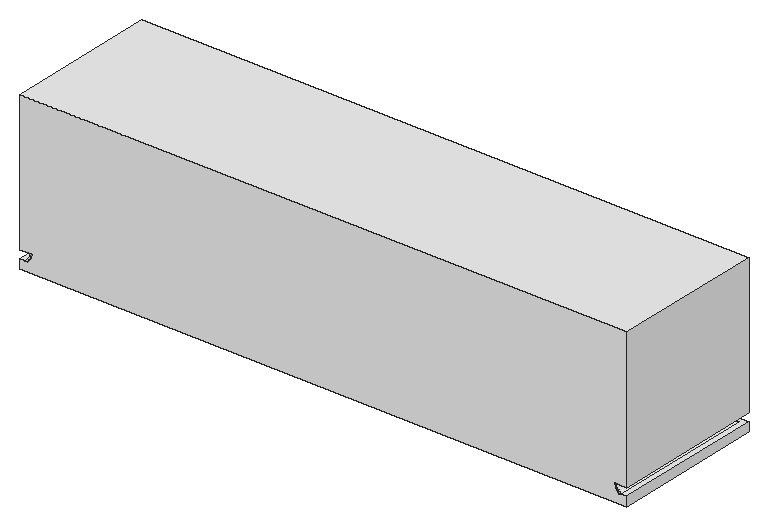
Revit family "Paradise_CWS_Air Bar", category Plumbing Fixtures, host Wall, Revit 2014
Parameters (values of type "Plastic-CWS-Paradise Air Bar-White")
  Youtube clip = "https://www.youtube.com/watch?v=NNfRyQFUqwI"
  Width = 326 mm
  Weight Net (Kg) = 0.98
  Uniclass 2.0 Description = "Sanitary Accessories"
  Uniclass 2.0 Code = "PR-31-75"
  Uniclass 1.4 Description = "Sanitary appliances/fittings"
  Uniclass 1.4 Code = "JN13"
  URL = "http://www.cws-boco.de/de-DE/node/19942"
  UNSPSC name = "Sanitary ware"
  UNSPSC Code = "301815"
  Technical description = ""
  Region South America = "None"
  Region Oceania = "None"
  Region North America = "None"
  Region Middle East = "None"
  Region Europe = "AT, BE, BG, CH, CZ, DE, HR, HU, IE, IT, LI, LU, NL, PL, RO, SE, SI, SK, VA"
  Region Asia = "CN"
  Region Antarctica = "None"
  Region Africa = "None"
  QR code = "http://bimobject.com/cws-boco/product/4663000"
  Product group = "Air fragrance dispenser"
  Product family = "CWS ParadiseLine"
  Product data url = "http://bimobject.com/cws-boco/product/4663000"
  Product certification = "http://www.cws-boco.de/sites/default/files/product/attachment/068w0000002GDH0AAO_1433507480.pdf"
  Product SKU = "4663000"
  Product Guid = "d03ba5eb-3c86-4d5e-9fc3-9c2c2f5c6f7c"
  Nominal width = 326
  Nominal height = 87
  NBS Reference Description = "Sanitary Accessories"
  NBS Reference Code = "31-75"
  Material secondary = Plastic-CWS-Paradise Air Bar-White
  Material main = Plastic-CWS-Paradise Air Bar-White
  Manufacturer name = "CWS-boco"
  Manufacturer country = "Switzerland"
  Manufacturer URL = "http://www.cws-boco.de/de-DE/"
  Logo Material = Logo-CWS-Paradise Air Bar-Red
  Installation instructions = "http://www.cws-boco.de/sites/default/files/product/attachment/068w0000002GxtyAAC_1439306011.pdf"
  IFC Classification = "Furniture"
  Height = 84 mm
  Edition number = 1
  EAN code = "4049657016725"
  Design country = "Germany"
  Description = "Paradise Air Bar air fragrance dispenser for 2 x 80-ml fragrance cartridges. Targeted scent release via blowers at the front. Duo-cartridge system enables an automatic change from active to reserve cartridge. Cartridge reach ca. 3 months (depending on setting). Intuitive user interface inside the dispenser for a room specific setting of the intensity with 4 levels. Dispenser reach approx. 12 m². Day-night control (light sensor) preserving resources. Service light at the front. Dispenser out of shock-resistant, anti-static plastic, with lock. Rounded edges, therefore no risk of injury. White panel can be changed to various colours. Complete incl. installation material, delivery and installation.\r\n\r\nDispensers & panels:\r\nDispenser with panel white: 4663000, Dispenser without panel: 4663010\r\nPanel active white: 161048000, Panel royal red: 161048022, Panel black pearl: 161048021, Panel navy blue: 161048044, Panel forest green : 191048045, Panel posh purple : 161048040, Panel silversense: 161048060\r\n\r\nFragrances:\r\nCWS Sweet Orange: 630000, CWS Flower Rain: 631000, CWS Peach Heaven: 632000, CWS Ocean Fresh: 633000, CWS Summer Sense: 634000, CWS Forest Soul: 635000, CWS Silent Wood: 636000, CWS Secret Spa: 637000, CWS Magic Fruit: 638000"
  Depth = 82 mm
  Date of publishing = "2015-09-17"
  COBIe Type Category = ""
  BIMobject category = "Dispensers"
Types (7, lengths in mm): name | Material secondary | Date of publishing
  Plastic-CWS-Paradise Air Bar-White | Plastic-CWS-Paradise Air Bar-White | "2015-09-17"
  Plastic-CWS-Paradise Air Bar-Blue | Plastic-CWS-Paradise Air Bar-Blue | "2015-09-17"
  Plastic-CWS-Paradise Air Bar-Green | Plastic-CWS-Paradise Air Bar-Green | "2015-09-17"
  Plastic-CWS-Paradise Air Bar-Red | Plastic-CWS-Paradise Air Bar-Red | "2015-09-17"
  Plastic-CWS-Paradise Air Bar-Silver | Plastic-CWS-Paradise Air Bar-Silver | "2015-09-17"
  Plastic-CWS-Paradise Air Bar-Purple | Plastic-CWS-Paradise Air Bar-Purple | ""
  Plastic-CWS-Paradise Air Bar-Black | Plastic-CWS-Paradise Air Bar-Black | "2015-09-17"
Reference planes
  plane 1 "Wall": y = 0
  plane 2 "Center (Left/Right)": x = 125
  plane 3 "Back": y = 75
  plane 4: x = -38
  plane 5: x = 288
  plane 6: y = 157
  plane 7: z = 1200
  plane 8: z = 1116
Text (mm)
  text "Placement Side" at (-1848.837, 1116.779, 0), in view "Ref. Level"
  text "Placement side" at (0, 1409.804, 2854.306), in view "Left"
  text "Placement side" at (0, 499.811, 2980.732), in view "Right"
Dimensions and locks
  locked: plane 3 "Back" to host wall
  "Depth": plane 6 to plane 3 "Back"
  "Width": plane 4 to plane 5
  "Height": plane 8 to plane 7
  aligned and locked: plane 1 "Wall" to host wall
Nested families
  nested 1: "Air Bar" at (0, 0, 0), type "Stainless Steel-CWS-Air Bar-White"
Definition of nested family "Air Bar"
  Parameters (values of type "Stainless Steel-CWS-Air Bar-White")
    Width = 326 mm
    Material main = Plastic-CWS-Paradise Air Bar-White
    Material Secondary = Plastic-CWS-Paradise Air Bar-White
    Logo Material = Logo-CWS-Paradise Air Bar-Red
    Height = 84 mm
    Depth = 82 mm
  Reference planes
    plane 1 "Wall": y = 0
    plane 2 "Center (Left/Right)": x = 125
    plane 3 "Back": y = 75
    plane 4: x = -38
    plane 5: x = 288
    plane 6: y = 157
    plane 7: z = 1200
    plane 8: z = 1116
  Forms (mm)
    Extrusion 1, solid, material "Plastic-CWS-Paradise Air Bar-White" <- "Material main", detail levels fine
      sketch origin (0, 0, 0) x (1, 0, 0) y (0, 1, 0)
        loop
          line (-38, 157) -> (-38, 75) -> (288, 75) -> (288, 157) -> (-38, 157)
      from 1116 to 1200
    Sweep 2, void
      path in 3D
        loop
          line (-38, 75, 1116) -> (-38, 157, 1116) -> (288, 157, 1116) -> (288, 75, 1116)
      profile origin (125, 157, 1116) x (0, -1, 0) y (0, 0, -1)
        loop
          line (0, -5) -> (0, -9.277) -> (6.147, -9.277)
          arc (6.147, -9.277) -> (5.448, -6.951) -> (4, -5) r 7.046
          line (4, -5) -> (0, -5)
    Sweep 3, solid, material "Plastic-CWS-Paradise Air Bar-White" <- "Material Secondary", detail levels fine
      path in 3D
        loop
          line (-38, 75, 1121) -> (-38, 157, 1121) -> (288, 157, 1121) -> (288, 75, 1121)
      profile origin (125, 157, 1121) x (0, 1, 0) y (0, 0, 1)
        loop
          line (-4, 0) -> (-2.74, 0)
          arc (-2.74, 0) -> (-4.487, 1.867) -> (-5.34, 4.277) r 6.246
          line (-5.34, 4.277) -> (-6.147, 4.277)
          arc (-6.147, 4.277) -> (-5.448, 1.951) -> (-4, 0) r 7.046
    Extrusion 4, solid, material "Plastic-CWS-Paradise Air Bar-White" <- "Material main", detail levels coarse
      sketch origin (125, 0, 0) x (0, 1, 0) y (0, 0, 1)
        loop
          line (157, 1116) -> (157, 1200) -> (75, 1200) -> (75, 1116) -> (157, 1116)
      from -163 to 163
    Extrusion 5, solid, material "Plastic-CWS-Paradise Air Bar-White" <- "Material main", detail levels medium
      sketch origin (125, 0, 0) x (0, 1, 0) y (0, 0, 1)
        loop
          line (151.66, 1125.277) -> (157, 1125.277) -> (157, 1200) -> (75, 1200) -> (75, 1116) -> (157, 1116) -> (157, 1121) -> (154.26, 1121)
          arc (154.26, 1121) -> (152.513, 1122.867) -> (151.66, 1125.277) r 6.246
      from -163 to 163
    Extrusion 6, solid, material "Plastic-CWS-Paradise Air Bar-White" <- "Material main", not visible, detail levels fine
      sketch origin (0, 0, 0) x (1, 0, 0) y (0, 1, 0)
        loop
          line (-38, 157) -> (-38, 75) -> (288, 75) -> (288, 157) -> (-38, 157)
      from 1116 to 1200
    Sweep 7, void, not visible
      path in 3D
        loop
          line (-38, 75, 1116) -> (-38, 157, 1116) -> (288, 157, 1116) -> (288, 75, 1116)
      profile origin (125, 157, 1116) x (0, -1, 0) y (0, 0, -1)
        loop
          line (0, -5) -> (0, -9.277) -> (6.147, -9.277)
          arc (6.147, -9.277) -> (5.448, -6.951) -> (4, -5) r 7.046
          line (4, -5) -> (0, -5)
    Extrusion 8, solid, material "Plastic-CWS-Paradise Air Bar-White" <- "Material main", not visible, detail levels coarse
      sketch origin (125, 0, 0) x (0, 1, 0) y (0, 0, 1)
        loop
          line (157, 1116) -> (157, 1200) -> (75, 1200) -> (75, 1116) -> (157, 1116)
      from -163 to 163
    Extrusion 9, solid, material "Logo-CWS-Paradise Air Bar-Red" <- "Logo Material", detail levels fine
      sketch origin (0, 0, 0) x (1, 0, 0) y (0, 0, 1)
        loop
          line (131.328, 1164.314) -> (131.328, 1162.572) -> (138.907, 1162.572)
          arc (138.907, 1162.572) -> (140.278, 1161.201) -> (138.907, 1159.83) r 1.371
          line (138.907, 1159.83) -> (131.412, 1159.83) -> (131.412, 1158.132) -> (138.926, 1158.132)
          arc (138.926, 1158.132) -> (142.017, 1161.223) -> (138.926, 1164.314) r 3.091
          line (138.926, 1164.314) -> (131.328, 1164.314)
        loop
          line (130.747, 1164.314) -> (128.797, 1164.314) -> (128.797, 1160.411) -> (125.156, 1164.314) -> (122.642, 1164.314) -> (122.642, 1160.829) -> (119.391, 1164.314) -> (116.931, 1164.314) -> (122.696, 1158.132) -> (124.663, 1158.132) -> (124.663, 1161.955) -> (128.228, 1158.132) -> (130.747, 1158.132) -> (130.747, 1164.314)
        loop
          arc (115.262, 1162.572) -> (115.594, 1162.24) -> (115.262, 1161.908) r 0.332
          line (115.262, 1161.908) -> (108.472, 1161.908)
          arc (108.472, 1161.908) -> (106.584, 1160.02) -> (108.472, 1158.132) r 1.888
          line (108.472, 1158.132) -> (117.248, 1158.132) -> (117.248, 1159.792) -> (108.765, 1159.792)
          arc (108.765, 1159.792) -> (108.514, 1160.044) -> (108.765, 1160.295) r 0.251
          line (108.765, 1160.295) -> (115.619, 1160.295)
          arc (115.619, 1160.295) -> (117.629, 1162.305) -> (115.619, 1164.314) r 2.01
          line (115.619, 1164.314) -> (106.815, 1164.314) -> (106.815, 1162.572) -> (115.262, 1162.572)
      from -157.258 to -157
    Extrusion 10, solid, material "Logo-CWS-Paradise Air Bar-Red" <- "Logo Material", not visible, detail levels fine
      sketch origin (0, 0, 0) x (1, 0, 0) y (0, 0, 1)
        loop
          line (131.328, 1164.314) -> (131.328, 1162.572) -> (138.907, 1162.572)
          arc (138.907, 1162.572) -> (140.278, 1161.201) -> (138.907, 1159.83) r 1.371
          line (138.907, 1159.83) -> (131.412, 1159.83) -> (131.412, 1158.132) -> (138.926, 1158.132)
          arc (138.926, 1158.132) -> (142.017, 1161.223) -> (138.926, 1164.314) r 3.091
          line (138.926, 1164.314) -> (131.328, 1164.314)
        loop
          line (130.747, 1164.314) -> (128.797, 1164.314) -> (128.797, 1160.411) -> (125.156, 1164.314) -> (122.642, 1164.314) -> (122.642, 1160.829) -> (119.391, 1164.314) -> (116.931, 1164.314) -> (122.696, 1158.132) -> (124.663, 1158.132) -> (124.663, 1161.955) -> (128.228, 1158.132) -> (130.747, 1158.132) -> (130.747, 1164.314)
        loop
          arc (115.262, 1162.572) -> (115.594, 1162.24) -> (115.262, 1161.908) r 0.332
          line (115.262, 1161.908) -> (108.472, 1161.908)
          arc (108.472, 1161.908) -> (106.584, 1160.02) -> (108.472, 1158.132) r 1.888
          line (108.472, 1158.132) -> (117.248, 1158.132) -> (117.248, 1159.792) -> (108.765, 1159.792)
          arc (108.765, 1159.792) -> (108.514, 1160.044) -> (108.765, 1160.295) r 0.251
          line (108.765, 1160.295) -> (115.619, 1160.295)
          arc (115.619, 1160.295) -> (117.629, 1162.305) -> (115.619, 1164.314) r 2.01
          line (115.619, 1164.314) -> (106.815, 1164.314) -> (106.815, 1162.572) -> (115.262, 1162.572)
      from -157.258 to -157
  Cuts and joins
    Sweep 2 cuts Extrusion 1
  Lines and regions (mm)
    sketch lines
      curve 1: line (-38, 157, 1116) -> (288, 157, 1116)
      curve 2: line (-38, 75, 1116) -> (-38, 157, 1116)
      curve 3: line (288, 157, 1116) -> (288, 75, 1116)
      curve 4: line (-38, 157, 1121) -> (288, 157, 1121)
      curve 5: line (-38, 75, 1121) -> (-38, 157, 1121)
      curve 6: line (288, 157, 1121) -> (288, 75, 1121)
    symbolic lines
      curve 7: line (-38, 75, 0) -> (288, 75, 0)
      curve 8: line (-38, 157, 0) -> (-38, 75, 0)
      curve 9: line (288, 157, 0) -> (-38, 157, 0)
      curve 10: line (288, 75, 0) -> (288, 157, 0)
      curve 11: line (125, 157, 1116) -> (125, 75, 1116)
      curve 12: line (125, 157, 1121) -> (125, 157, 1116)
      curve 14: line (125, 157, 1125.277) -> (125, 151.66, 1125.277)
      curve 15: line (125, 157, 1200) -> (125, 157, 1125.277)
      curve 16: line (125, 75, 1200) -> (125, 157, 1200)
      curve 17: line (125, 75, 1116) -> (125, 75, 1200)
      curve 18: arc (125, 151.66, 1125.277) -> (125, 152.513, 1122.867) -> (125, 154.26, 1121) r 6.246
      curve 20: line (125, 154.26, 1121) -> (125, 157, 1121)
      curve 21: line (288, 0, 1125.277) -> (282.66, 0, 1125.277)
      curve 22: line (288, 0, 1200) -> (288, 0, 1125.277)
      curve 23: line (-38, 0, 1200) -> (288, 0, 1200)
      curve 24: line (-38, 0, 1125.277) -> (-38, 0, 1200)
      curve 25: line (288, 0, 1116) -> (-38, 0, 1116)
      curve 26: line (288, 0, 1121) -> (288, 0, 1116)
      curve 27: line (-38, 0, 1121) -> (-35.26, 0, 1121)
      curve 28: line (-38, 0, 1116) -> (-38, 0, 1121)
      curve 29: arc (282.66, 0, 1125.277) -> (283.513, 0, 1122.867) -> (285.26, 0, 1121) r 6.246
      curve 30: arc (-32.66, 0, 1125.277) -> (-33.513, 0, 1122.867) -> (-35.26, 0, 1121) r 6.246
      curve 32: line (285.26, 0, 1121) -> (288, 0, 1121)
      curve 33: line (-32.66, 0, 1125.277) -> (-38, 0, 1125.277)
    symbolic lines, detail levels medium+fine
      curve 13: line (125, 75, 1121) -> (125, 154.26, 1121)
      curve 19: line (125, 151.66, 1125.277) -> (125, 75, 1125.277)
      curve 31: line (282.66, 0, 1125.277) -> (-32.66, 0, 1125.277)
      curve 34: line (-35.26, 0, 1121) -> (285.26, 0, 1121)
    sketch lines, not visible
      curve 35: line (-38, 157, 1116) -> (288, 157, 1116)
      curve 36: line (-38, 75, 1116) -> (-38, 157, 1116)
      curve 37: line (288, 157, 1116) -> (288, 75, 1116)
    symbolic lines, detail levels fine
      curve 38: line (138.926, 0, 1158.132) -> (131.412, 0, 1158.132)
      curve 39: line (131.412, 0, 1158.132) -> (131.412, 0, 1159.83)
      curve 40: line (131.412, 0, 1159.83) -> (138.907, 0, 1159.83)
      curve 41: arc (138.907, 0, 1159.83) -> (140.278, 0, 1161.201) -> (138.907, 0, 1162.572) r 1.371
      curve 42: line (138.907, 0, 1162.572) -> (131.328, 0, 1162.572)
      curve 43: line (131.328, 0, 1162.572) -> (131.328, 0, 1164.314)
      curve 44: line (131.328, 0, 1164.314) -> (138.926, 0, 1164.314)
      curve 45: arc (138.926, 0, 1164.314) -> (142.017, 0, 1161.223) -> (138.926, 0, 1158.132) r 3.091
      curve 46: line (130.747, 0, 1164.314) -> (130.747, 0, 1158.132)
      curve 47: line (130.747, 0, 1158.132) -> (128.228, 0, 1158.132)
      curve 48: line (128.228, 0, 1158.132) -> (124.663, 0, 1161.955)
      curve 49: line (124.663, 0, 1161.955) -> (124.663, 0, 1158.132)
      curve 50: line (124.663, 0, 1158.132) -> (122.696, 0, 1158.132)
      curve 51: line (122.696, 0, 1158.132) -> (116.931, 0, 1164.314)
      curve 52: line (116.931, 0, 1164.314) -> (119.391, 0, 1164.314)
      curve 53: line (119.391, 0, 1164.314) -> (122.642, 0, 1160.829)
      curve 54: line (122.642, 0, 1160.829) -> (122.642, 0, 1164.314)
      curve 55: line (122.642, 0, 1164.314) -> (125.156, 0, 1164.314)
      curve 56: line (125.156, 0, 1164.314) -> (128.797, 0, 1160.411)
      curve 57: line (128.797, 0, 1160.411) -> (128.797, 0, 1164.314)
      curve 58: line (128.797, 0, 1164.314) -> (130.747, 0, 1164.314)
      curve 59: line (117.248, 0, 1158.132) -> (108.472, 0, 1158.132)
      curve 60: arc (108.472, 0, 1158.132) -> (106.584, 0, 1160.02) -> (108.472, 0, 1161.908) r 1.888
      curve 61: line (108.472, 0, 1161.908) -> (115.262, 0, 1161.908)
      curve 62: arc (115.262, 0, 1161.908) -> (115.594, 0, 1162.24) -> (115.262, 0, 1162.572) r 0.332
      curve 63: line (115.262, 0, 1162.572) -> (106.815, 0, 1162.572)
      curve 64: line (106.815, 0, 1162.572) -> (106.815, 0, 1164.314)
      curve 65: line (106.815, 0, 1164.314) -> (115.619, 0, 1164.314)
      curve 66: arc (115.619, 0, 1164.314) -> (117.629, 0, 1162.305) -> (115.619, 0, 1160.295) r 2.01
      curve 67: line (115.619, 0, 1160.295) -> (108.765, 0, 1160.295)
      curve 68: arc (108.765, 0, 1160.295) -> (108.514, 0, 1160.044) -> (108.765, 0, 1159.792) r 0.251
      curve 69: line (108.765, 0, 1159.792) -> (117.248, 0, 1159.792)
      curve 70: line (117.248, 0, 1159.792) -> (117.248, 0, 1158.132)
    symbolic lines, not visible, detail levels fine
      curve 71: line (138.926, 0, 1158.132) -> (131.412, 0, 1158.132)
      curve 72: line (131.412, 0, 1158.132) -> (131.412, 0, 1159.83)
      curve 73: line (131.412, 0, 1159.83) -> (138.907, 0, 1159.83)
      curve 74: arc (138.907, 0, 1159.83) -> (140.278, 0, 1161.201) -> (138.907, 0, 1162.572) r 1.371
      curve 75: line (138.907, 0, 1162.572) -> (131.328, 0, 1162.572)
      curve 76: line (131.328, 0, 1162.572) -> (131.328, 0, 1164.314)
      curve 77: line (131.328, 0, 1164.314) -> (138.926, 0, 1164.314)
      curve 78: arc (138.926, 0, 1164.314) -> (142.017, 0, 1161.223) -> (138.926, 0, 1158.132) r 3.091
      curve 79: line (130.747, 0, 1164.314) -> (130.747, 0, 1158.132)
      curve 80: line (130.747, 0, 1158.132) -> (128.228, 0, 1158.132)
      curve 81: line (128.228, 0, 1158.132) -> (124.663, 0, 1161.955)
      curve 82: line (124.663, 0, 1161.955) -> (124.663, 0, 1158.132)
      curve 83: line (124.663, 0, 1158.132) -> (122.696, 0, 1158.132)
      curve 84: line (122.696, 0, 1158.132) -> (116.931, 0, 1164.314)
      curve 85: line (116.931, 0, 1164.314) -> (119.391, 0, 1164.314)
      curve 86: line (119.391, 0, 1164.314) -> (122.642, 0, 1160.829)
      curve 87: line (122.642, 0, 1160.829) -> (122.642, 0, 1164.314)
      curve 88: line (122.642, 0, 1164.314) -> (125.156, 0, 1164.314)
      curve 89: line (125.156, 0, 1164.314) -> (128.797, 0, 1160.411)
      curve 90: line (128.797, 0, 1160.411) -> (128.797, 0, 1164.314)
      curve 91: line (128.797, 0, 1164.314) -> (130.747, 0, 1164.314)
      curve 92: line (117.248, 0, 1158.132) -> (108.472, 0, 1158.132)
      curve 93: arc (108.472, 0, 1158.132) -> (106.584, 0, 1160.02) -> (108.472, 0, 1161.908) r 1.888
      curve 94: line (108.472, 0, 1161.908) -> (115.262, 0, 1161.908)
      curve 95: arc (115.262, 0, 1161.908) -> (115.594, 0, 1162.24) -> (115.262, 0, 1162.572) r 0.332
      curve 96: line (115.262, 0, 1162.572) -> (106.815, 0, 1162.572)
      curve 97: line (106.815, 0, 1162.572) -> (106.815, 0, 1164.314)
      curve 98: line (106.815, 0, 1164.314) -> (115.619, 0, 1164.314)
      curve 99: arc (115.619, 0, 1164.314) -> (117.629, 0, 1162.305) -> (115.619, 0, 1160.295) r 2.01
      curve 100: line (115.619, 0, 1160.295) -> (108.765, 0, 1160.295)
      curve 101: arc (108.765, 0, 1160.295) -> (108.514, 0, 1160.044) -> (108.765, 0, 1159.792) r 0.251
      curve 102: line (108.765, 0, 1159.792) -> (117.248, 0, 1159.792)
      curve 103: line (117.248, 0, 1159.792) -> (117.248, 0, 1158.132)
  Text (mm)
    text "Placement Side" at (-1848.837, 1116.779, 0), in view "Ref. Level"
    text "Placement side" at (0, 1409.804, 2854.306), in view "Left"
    text "Placement side" at (0, 499.811, 2980.732), in view "Right"
  Dimensions and locks
    locked: plane 3 "Back" to host wall
    "Depth": plane 6 to plane 3 "Back"
    "Width": plane 4 to plane 5
    "Height": plane 8 to plane 7
    aligned and locked: plane 1 "Wall" to host wall
    aligned and locked: plane 7 to Extrusion 1
    aligned and locked: Extrusion 1 to plane 8
    aligned and locked: Extrusion 1 to Sweep 2 sketch curve
    aligned and locked: Sweep 3 sketch curve to cut or joined group of Extrusion 1, Sweep 2
    aligned and locked: profile plane to Sweep 3 sketch curve
    aligned and locked: curve 11 to cut or joined group of Extrusion 1, Sweep 2
    aligned and locked: curve 12 to cut or joined group of Extrusion 1, Sweep 2
    aligned and locked: curve 13 to cut or joined group of Extrusion 1, Sweep 2
    aligned and locked: curve 14 to cut or joined group of Extrusion 1, Sweep 2
    aligned and locked: curve 15 to cut or joined group of Extrusion 1, Sweep 2
    aligned and locked: curve 16 to plane 7
    aligned and locked: host wall to curve 17
    aligned and locked: curve 18 to Sweep 3
    aligned and locked: curve 21 to cut or joined group of Extrusion 1, Sweep 2
    aligned and locked: curve 22 to cut or joined group of Extrusion 1, Sweep 2
    aligned and locked: curve 23 to cut or joined group of Extrusion 1, Sweep 2
    aligned and locked: curve 24 to cut or joined group of Extrusion 1, Sweep 2
    aligned and locked: curve 25 to cut or joined group of Extrusion 1, Sweep 2
    aligned and locked: curve 26 to cut or joined group of Extrusion 1, Sweep 2
    aligned and locked: curve 27 to cut or joined group of Extrusion 1, Sweep 2
    aligned and locked: curve 28 to cut or joined group of Extrusion 1, Sweep 2
    aligned and locked: curve 29 to Sweep 3
    aligned and locked: curve 30 to Sweep 3
    aligned and locked: Extrusion 4 to plane 4
    aligned and locked: Extrusion 4 to plane 5
    aligned and locked: Extrusion 5 sketch curve to curve 18
    aligned and locked: Extrusion 5 to plane 4
    aligned and locked: Extrusion 5 to plane 5
    aligned and locked: Extrusion 5 to host wall
    aligned and locked: plane 6 to Extrusion 5
    aligned and locked: Extrusion 6 to Sweep 7 sketch curve
    aligned and locked: Extrusion 9 sketch curve to curve 44
    aligned and locked: Extrusion 9 sketch curve to curve 38
    aligned and locked: Extrusion 9 sketch curve to curve 39
    aligned and locked: Extrusion 9 sketch curve to curve 40
    aligned and locked: Extrusion 9 sketch curve to curve 42
    aligned and locked: Extrusion 9 sketch curve to curve 43
    aligned and locked: Extrusion 9 sketch curve to curve 46
    aligned and locked: Extrusion 9 sketch curve to curve 47
    aligned and locked: Extrusion 9 sketch curve to curve 48
    aligned and locked: Extrusion 9 sketch curve to curve 49
    aligned and locked: Extrusion 9 sketch curve to curve 50
    aligned and locked: Extrusion 9 sketch curve to curve 51
    aligned and locked: Extrusion 9 sketch curve to curve 52
    aligned and locked: Extrusion 9 sketch curve to curve 53
    aligned and locked: Extrusion 9 sketch curve to curve 54
    aligned and locked: Extrusion 9 sketch curve to curve 55
    aligned and locked: Extrusion 9 sketch curve to curve 56
    aligned and locked: Extrusion 9 sketch curve to curve 57
    aligned and locked: Extrusion 9 sketch curve to curve 58
    aligned and locked: Extrusion 9 sketch curve to curve 63
    aligned and locked: Extrusion 9 sketch curve to curve 64
    aligned and locked: Extrusion 9 sketch curve to curve 65
    aligned and locked: Extrusion 9 sketch curve to curve 67
    aligned and locked: Extrusion 9 sketch curve to curve 69
    aligned and locked: Extrusion 9 sketch curve to curve 70
    aligned and locked: Extrusion 9 sketch curve to curve 59
    aligned and locked: Extrusion 9 sketch curve to curve 61
    aligned and locked: Extrusion 9 to plane 6
    aligned and locked: Extrusion 10 sketch curve to curve 77
    aligned and locked: Extrusion 10 sketch curve to curve 71
    aligned and locked: Extrusion 10 sketch curve to curve 72
    aligned and locked: Extrusion 10 sketch curve to curve 73
    aligned and locked: Extrusion 10 sketch curve to curve 75
    aligned and locked: Extrusion 10 sketch curve to curve 76
    aligned and locked: Extrusion 10 sketch curve to curve 79
    aligned and locked: Extrusion 10 sketch curve to curve 80
    aligned and locked: Extrusion 10 sketch curve to curve 81
    aligned and locked: Extrusion 10 sketch curve to curve 82
    aligned and locked: Extrusion 10 sketch curve to curve 83
    aligned and locked: Extrusion 10 sketch curve to curve 84
    aligned and locked: Extrusion 10 sketch curve to curve 85
    aligned and locked: Extrusion 10 sketch curve to curve 86
    aligned and locked: Extrusion 10 sketch curve to curve 87
    aligned and locked: Extrusion 10 sketch curve to curve 88
    aligned and locked: Extrusion 10 sketch curve to curve 89
    aligned and locked: Extrusion 10 sketch curve to curve 90
    aligned and locked: Extrusion 10 sketch curve to curve 91
    aligned and locked: Extrusion 10 sketch curve to curve 96
    aligned and locked: Extrusion 10 sketch curve to curve 97
    aligned and locked: Extrusion 10 sketch curve to curve 98
    aligned and locked: Extrusion 10 sketch curve to curve 100
    aligned and locked: Extrusion 10 sketch curve to curve 102
    aligned and locked: Extrusion 10 sketch curve to curve 103
    aligned and locked: Extrusion 10 sketch curve to curve 92
    aligned and locked: Extrusion 10 sketch curve to curve 94
  Automatic sketch dimensions
    profile plane to Sweep 2 sketch curve = 0.85 mm
    Sweep 2 sketch curve to profile plane = 4 mm
    Sweep 2 sketch curve to Sweep 2 sketch curve = 2.147 mm
    Sweep 2 sketch curve to profile plane = 10.111 mm
    Sweep 2 sketch curve to Sweep 2 sketch curve = 0.834 mm
    Sweep 3 sketch curve to Sweep 3 sketch curve = 0 mm  (x2)
    Sweep 3 sketch curve to Sweep 3 sketch curve = 0.806 mm
    Extrusion 1 sketch curve to Extrusion 1 sketch curve = 326 mm
    Extrusion 1 sketch curve to Extrusion 1 sketch curve = 82 mm
    profile plane to Sweep 3 sketch curve = 4.277 mm
    Extrusion 4 sketch curve to Extrusion 4 sketch curve = 82 mm
    Extrusion 4 sketch curve to Extrusion 4 sketch curve = 84 mm
    Extrusion 5 sketch curve to Extrusion 5 sketch curve = 0.85 mm
    Extrusion 5 sketch curve to Extrusion 5 sketch curve = 0 mm
    Extrusion 5 sketch curve to Extrusion 5 sketch curve = 2.74 mm
    Extrusion 5 sketch curve to Extrusion 5 sketch curve = 2.6 mm
    Extrusion 5 sketch curve to Extrusion 5 sketch curve = 76.66 mm
    Extrusion 5 sketch curve to Extrusion 5 sketch curve = 9.277 mm
    Extrusion 5 sketch curve to Extrusion 5 sketch curve = 84 mm
    curve 9 to plane 4 = 0 mm
    curve 7 to host wall = 0 mm
    curve 7 to plane 5 = 0 mm
    curve 10 to plane 6 = 0 mm
    profile plane to Sweep 7 sketch curve = 0.85 mm
    Sweep 7 sketch curve to profile plane = 4 mm
    Sweep 7 sketch curve to Sweep 7 sketch curve = 2.147 mm
    Sweep 7 sketch curve to profile plane = 10.111 mm
    Sweep 7 sketch curve to Sweep 7 sketch curve = 0.834 mm
    Extrusion 6 sketch curve to Extrusion 6 sketch curve = 326 mm
    Extrusion 6 sketch curve to Extrusion 6 sketch curve = 82 mm
    Extrusion 8 sketch curve to Extrusion 8 sketch curve = 82 mm
    Extrusion 8 sketch curve to Extrusion 8 sketch curve = 84 mm
    curve 60 to curve 68 = 0.293 mm
    curve 68 to curve 62 = 6.496 mm
    curve 62 to curve 66 = 0.357 mm
    curve 66 to curve 51 = 1.312 mm
    curve 51 to curve 52 = 2.46 mm
    curve 52 to curve 55 = 3.25 mm
    curve 53 to curve 50 = 0.055 mm
    curve 50 to curve 49 = 1.967 mm
    curve 48 to curve 55 = 0.493 mm
    curve 49 to curve 47 = 3.565 mm
    curve 55 to curve 57 = 3.64 mm
    curve 57 to curve 58 = 1.95 mm
    curve 46 to curve 43 = 0.582 mm
    curve 46 to curve 40 = 0.665 mm
    curve 42 to curve 42 = 7.579 mm
    curve 41 to curve 45 = 0.018 mm
    curve 51 to curve 38 = 0 mm
    curve 48 to curve 38 = 0 mm
    curve 38 to curve 39 = 1.698 mm
    curve 50 to curve 60 = 1.888 mm
    curve 60 to curve 68 = 0.024 mm
    curve 47 to curve 56 = 2.279 mm
    curve 50 to curve 54 = 2.697 mm
    curve 40 to curve 41 = 1.371 mm
    curve 41 to curve 45 = 0.022 mm
    curve 53 to curve 48 = 1.126 mm
    curve 62 to curve 66 = 0.065 mm
    curve 66 to curve 52 = 2.01 mm
    curve 48 to curve 54 = 2.36 mm
    curve 58 to curve 43 = 0 mm
    curve 65 to curve 60 = 1.657 mm
    curve 66 to curve 59 = 1.629 mm
    curve 60 to curve 60 = 1.888 mm
    curve 59 to curve 69 = 1.66 mm
    curve 61 to curve 63 = 0.664 mm
    curve 93 to curve 101 = 0.293 mm
    curve 101 to curve 95 = 6.496 mm
    curve 95 to curve 99 = 0.357 mm
    curve 99 to curve 84 = 1.312 mm
    curve 84 to curve 85 = 2.46 mm
    curve 85 to curve 88 = 3.25 mm
    curve 86 to curve 83 = 0.055 mm
    curve 83 to curve 82 = 1.967 mm
    curve 81 to curve 88 = 0.493 mm
    curve 82 to curve 80 = 3.565 mm
    curve 88 to curve 90 = 3.64 mm
    curve 90 to curve 91 = 1.95 mm
    curve 79 to curve 76 = 0.582 mm
    curve 79 to curve 73 = 0.665 mm
    curve 75 to curve 75 = 7.579 mm
    curve 74 to curve 78 = 0.018 mm
    curve 84 to curve 71 = 0 mm
    curve 81 to curve 71 = 0 mm
    curve 71 to curve 72 = 1.698 mm
    curve 83 to curve 93 = 1.888 mm
    curve 93 to curve 101 = 0.024 mm
    curve 80 to curve 89 = 2.279 mm
    curve 83 to curve 87 = 2.697 mm
    curve 73 to curve 74 = 1.371 mm
    curve 74 to curve 78 = 0.022 mm
    curve 86 to curve 81 = 1.126 mm
    curve 95 to curve 99 = 0.065 mm
    curve 99 to curve 85 = 2.01 mm
    curve 81 to curve 87 = 2.36 mm
    curve 91 to curve 76 = 0 mm
    curve 98 to curve 93 = 1.657 mm
    curve 99 to curve 92 = 1.629 mm
    curve 93 to curve 93 = 1.888 mm
    curve 92 to curve 102 = 1.66 mm
    curve 94 to curve 96 = 0.664 mm
    Extrusion 9 sketch curve to Extrusion 9 sketch curve = 0.018 mm
    Extrusion 9 sketch curve to Extrusion 9 sketch curve = 1.312 mm
    Extrusion 9 sketch curve to Extrusion 9 sketch curve = 0.357 mm
    Extrusion 9 sketch curve to Extrusion 9 sketch curve = 0.293 mm
    Extrusion 9 sketch curve to Extrusion 9 sketch curve = 1.657 mm
    Extrusion 9 sketch curve to Extrusion 9 sketch curve = 7.496 mm
    Extrusion 10 sketch curve to Extrusion 10 sketch curve = 1.657 mm
    Extrusion 10 sketch curve to Extrusion 10 sketch curve = 0.293 mm
    Extrusion 10 sketch curve to Extrusion 10 sketch curve = 1.669 mm
    Extrusion 10 sketch curve to Extrusion 10 sketch curve = 0.357 mm
    Extrusion 10 sketch curve to Extrusion 10 sketch curve = 7.496 mm
    Extrusion 10 sketch curve to Extrusion 10 sketch curve = 0.018 mm
